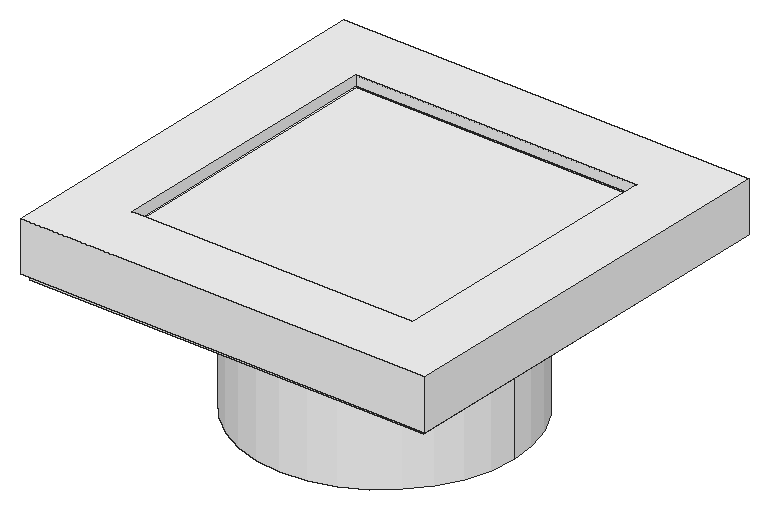
Revit family "Gira_1104005", category Electrical Fixtures, host Face, Revit 2017
Family settings
  Host = Face
  Maintain Annotation Orientation = Yes
  Round Connector Dimension = Use Diameter
  Part Type = Normal
  Cut with Voids When Loaded = No
  Shared = No
  Room Calculation Point = No
Parameters (values of type "Rocker sw. hotel room status displ. System 55 black m")
  White [instance] = White
  URL = "http://katalog.gira.de/en/datenblatt.html?artikelnr=1104005"
  Name = "Rocker sw. hotel room status displ. System 55 black m"
  Model = "Sys55_Komplettgerät_Schalten und Tasten"
  Manufacturer URL = "https://www.gira.de/"
  Manufacturer = "Gira"
  Label space/information surface = "No"
  HeinzeBIM = "https://bimportal.heinze.de/bim/rocker-sw-hotel-room-status-displ-system-55-black-m/5a01e1c00ac0022f54d1c586d45fc9b6c436bf84"
  HAN = "1104005"
  GTIN = "4010337038535"
  Description = "Rock.sw.h-room stat.displ. Sys55 BKm,Rocker switch, 10 AX 250 V~ with rocker, 2-gang for displaying hotel room status,,black matt,Features:,- Switch for hotel room status display Do not disturb\" and \"Make up room\".,- With block to prevent both sides from being switched on.,- Locked both electrically and mechanically.\""
  Default Elevation = 1219.2 mm
  Data sheet (1) = "https://katalog.gira.de/en/download.html?artikelnr=1104005"
  Category = "Switch"
  BIM (1) = "https://media.stage.bim.site/public/gira/36a6b08/Sys55_Komplettgerät_Schalten und Tasten.rfa?public/gira/36a6b08/Sys55_Komplettgerät_Schalten und Tasten.rfa"
  Available = "No"
Reference planes
  plane 1 "Center (Front/Back)": y = 0
  plane 2: z = 0
  plane 3 "Center (Left/Right)": x = 0
Forms (mm)
  Extrusion 1, solid, material "White" <- "White", detail levels medium
    sketch origin (0, 0, 0) x (1, 0, 0) y (0, 1, 0)
      loop
        line (-40.4, 40.4) -> (-40.4, -40.4) -> (40.4, -40.4) -> (40.4, 40.4) -> (-40.4, 40.4)
      loop
        line (-28, 28) -> (-28, -28) -> (28, -28) -> (28, 28) -> (-28, 28)
    from 0 to 10
  Extrusion 2, solid, material "White" <- "White", detail levels fine
    sketch origin (0, 0, 0) x (1, 0, 0) y (0, 1, 0)
      loop
        line (-40.4, 40.4) -> (-40.4, -40.4) -> (40.4, -40.4) -> (40.4, 40.4) -> (-40.4, 40.4)
      loop
        line (-28, 28) -> (-28, -28) -> (28, -28) -> (28, 28) -> (-28, 28)
    from 0 to 10
  Extrusion 3, void
    sketch origin (0, 0, 0) x (1, 0, 0) y (0, 1, 0)
      loop
        line (-38.4, 38.4) -> (-38.4, -38.4) -> (38.4, -38.4) -> (38.4, 38.4) -> (-38.4, 38.4)
    from 0 to 8
  Extrusion 4, solid, material "White" <- "White", detail levels medium+fine
    sketch origin (0, 0, 0) x (1, 0, 0) y (0, 1, 0)
      loop
        line (-39.4, 39.4) -> (-39.4, -39.4) -> (39.4, -39.4) -> (39.4, 39.4) -> (-39.4, 39.4)
    from 0 to -1
  Extrusion 5, solid, material "White" <- "White", detail levels medium+fine
    sketch origin (0, 0, 0) x (1, 0, 0) y (0, 1, 0)
      loop
        line (-35.5, 35.5) -> (-35.5, -35.5) -> (35.5, -35.5) -> (35.5, 35.5) -> (-35.5, 35.5)
    from -2 to -3
  Extrusion 6, solid, material "White" <- "White", detail levels medium+fine
    sketch origin (0, 0, 0) x (1, 0, 0) y (0, 1, 0)
      loop
        circle (0, 0) r 26
    from 0 to -27.5
  Extrusion 7, solid, material "White" <- "White", detail levels coarse
    sketch origin (0, 0, 0) x (1, 0, 0) y (0, 1, 0)
      loop
        line (-40.4, 40.4) -> (-40.4, -40.4) -> (40.4, -40.4) -> (40.4, 40.4) -> (-40.4, 40.4)
    from -27.5 to 10
Cuts and joins
  Extrusion 3 cuts Extrusion 2
Dimensions and locks
  aligned and locked: plane 2 to host face
  aligned and locked: level to host face
  aligned and locked: plane 3 "Center (Left/Right)" to nested 2
  aligned and locked: plane 1 "Center (Front/Back)" to nested 2
Nested families
  nested 1: "Sys55_Abdeckung_Schalten und Tasten_floor_base" at (0, 0, 0), type "Sys55_Abdeckung_Schalten und Tasten_floor_base"
  nested 2: "Schalter" at (0, 0, 0), type "Schalter"
Connectors
  electrical at (0, 0, -27.5)
    settings: on Extrusion 6, index 1, voltage 220 V, apparent load 0 VA, apparent load phase1 0 VA, apparent load phase2 0 VA, apparent load phase3 0 VA, power factor 1, load classification "Other", number of poles 1, system type 30, power factor state 1, is connector primary yes, connector utility no, sub classification motor no, connector description ""
Definition of nested family "Sys55_Abdeckung_Schalten und Tasten_floor_base"
  Parameters
    Default Elevation = 1219.2 mm
    White [instance] = none
  Reference planes
    plane 1 "Center (Front/Back)": y = 0
    plane 2: z = 0
    plane 3 "Center (Left/Right)": x = 0
  Forms (mm)
    Extrusion 1, solid
      sketch origin (0, 0, 0) x (1, 0, 0) y (0, 1, 0)
        loop
          line (-1219.2, 1219.2) -> (-1219.2, -1219.2) -> (1219.2, -1219.2) -> (1219.2, 1219.2) -> (-1219.2, 1219.2)
      from 0 to -304.8
    Extrusion 2, solid, material <- "White", detail levels fine
      sketch origin (0, 0, 0) x (1, 0, 0) y (0, 1, 0)
        loop
          line (-27.5, 27.5) -> (-27.5, -27.5) -> (27.5, -27.5) -> (27.5, 27.5) -> (-27.5, 27.5)
      from 0 to 8
    Extrusion 3, void
      sketch origin (0, 0, 0) x (1, 0, 0) y (0, 1, 0)
        loop
          line (26, 26) -> (-26, 26) -> (-26, -26) -> (26, -26) -> (26, 26)
      from 0 to 6
    Extrusion 4, solid, material <- "White", detail levels medium
      sketch origin (0, 0, 0) x (1, 0, 0) y (0, 1, 0)
        loop
          line (-27.5, 27.5) -> (-27.5, -27.5) -> (27.5, -27.5) -> (27.5, 27.5) -> (-27.5, 27.5)
      from 0 to 8
    Extrusion 5, solid, material <- "White", detail levels medium
      sketch origin (0, 0, 0) x (1, 0, 0) y (0, 1, 0)
        loop
          line (11, -17.5) -> (11, 17.5) -> (-11, 17.5) -> (-11, -17.5) -> (11, -17.5)
      from -6 to 6
    Extrusion 6, solid, material <- "White", detail levels fine
      sketch origin (0, 0, 0) x (1, 0, 0) y (0, 1, 0)
        loop
          line (11, 17.5) -> (-11, 17.5) -> (-11, 16.5) -> (11, 16.5) -> (11, 17.5)
        loop
          line (-11, -16.5) -> (-11, -17.5) -> (11, -17.5) -> (11, -16.5) -> (-11, -16.5)
      from -4 to 6
    Extrusion 7, solid, material <- "White", detail levels fine
      sketch origin (0, 0, 0) x (1, 0, 0) y (0, 1, 0)
        loop
          arc (5, 9.347) -> (0, 10.6) -> (-5, 9.347) r 10.6
          line (-5, 9.347) -> (-5, -9.347)
          arc (-5, -9.347) -> (0, -10.6) -> (5, -9.347) r 10.6
          line (5, -9.347) -> (5, 9.347)
      from -6 to 6
    Extrusion 8, solid, material <- "White", detail levels coarse
      sketch origin (0, 0, 0) x (1, 0, 0) y (0, 1, 0)
        loop
          line (-27.5, 27.5) -> (-27.5, -27.5) -> (27.5, -27.5) -> (27.5, 27.5) -> (-27.5, 27.5)
      from -6 to 8
  Cuts and joins
    Extrusion 3 cuts Extrusion 2
  Dimensions and locks
    aligned and locked: plane 2 to Extrusion 1
    aligned and locked: level to Extrusion 1
Definition of nested family "Schalter"
  Reference planes
    plane 1: y = 0
    plane 2: x = 0
  Lines and regions (mm)
    detail lines
      curve 1: circle (1.375, 2.778, 0) r 0.8 normal (0, 0, 1)
      curve 2: line (1.021, 2.061, 0) -> (0, 0, 0)
      curve 3: line (0, 0, 0) -> (-0.538, 0.266, 0)
  Dimensions and locks
    curve 2 to curve 2 = 2.3 mm
    curve 3 to curve 2 = 0.6 mm
    radius of curve 1 = 0.8 mm
